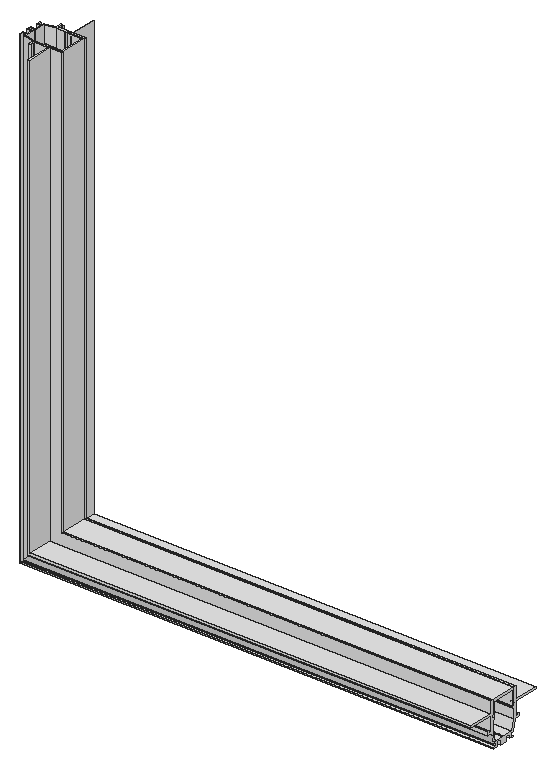
Revit family "ARKOSLIGHT_Bright Line Corner Two Planes", category Lighting Fixtures, host Face, Revit 2019
Family settings
  Host = Face
  Round Connector Dimension = Use Diameter
  Part Type = Normal
  Cut with Voids When Loaded = No
  Light Source = No
  Shared = No
  Room Calculation Point = No
Parameters (values of type "A3030062W - BRIGHT LINE CORNER 90º TWO PLANES 4000K W")
  URL = "https://www.arkoslight.com/en/product/bline-es/bline2-es/"
  Model = ARKOSLIGHT_Model  # "BRIGHT LINE"
  Manufacturer = "ARKOSLIGHT"  # constant formula
  IES2 = IES2 : A3030062W - BRIGHT LINE CORNER 90º TWO PLANES 4000K W
  IES1 = IES1 : A3030062W - BRIGHT LINE CORNER 90º TWO PLANES 4000K W
  ARKOSLIGHT_Wattage = 14 W
  ARKOSLIGHT_IP = "20"
  ARKOSLIGHT_Series = "BRIGHT LINE"  # constant formula
  ARKOSLIGHT_Dimming = "No Dim | DALI | Push"
  ARKOSLIGHT_Model = "BRIGHT LINE"  # constant formula
  ARKOSLIGHT_Reference = "A3030062W"
  ARKOSLIGHT_Luminous flux = 1250 lm
  ARKOSLIGHT_IES = "A3030022 BRIGHT LINE 500 4000K CRI90.ies"
  ARKOSLIGHT_Color = "Matt white"
  ARKOSLIGHT_Fixture Type = "CUSTOM SYSTEMS"  # constant formula
  ARKOSLIGHT_Efficiency = "43%"
  ARKOSLIGHT_CCT = 4000 K
  ARKOSLIGHT_CRI = "CRI>90"
  ARKOSLIGHT_Beam Angle = 110.00°
  Default Elevation = 0 mm
  Apparent Load = ARKOSLIGHT_Apparent Load  # 11.5 VA
  ARKOSLIGHT_Apparent Load = 11.5 VA
Types (2, lengths in mm): name | IES2 | IES1 | ARKOSLIGHT_Reference | ARKOSLIGHT_Luminous flux | ARKOSLIGHT_IES | ARKOSLIGHT_CCT
  A3030061W - BRIGHT LINE CORNER 90º TWO PLANES 3000K W | IES2 : A3030061W - BRIGHT LINE CORNER 90º TWO PLANES 3000K W | IES1 : A3030061W - BRIGHT LINE CORNER 90º TWO PLANES 3000K W | "A3030061W" | 1230 lm | "A3030021 BRIGHT LINE 500 3000K CRI90.ies" | 3000 K
  A3030062W - BRIGHT LINE CORNER 90º TWO PLANES 4000K W | IES2 : A3030062W - BRIGHT LINE CORNER 90º TWO PLANES 4000K W | IES1 : A3030062W - BRIGHT LINE CORNER 90º TWO PLANES 4000K W | "A3030062W" | 1250 lm | "A3030022 BRIGHT LINE 500 4000K CRI90.ies" | 4000 K
Reference planes
  plane 1 "Center (Front/Back)": y = 0
  plane 2: z = 0
  plane 3 "Center (Left/Right)": x = 115
  plane 4: x = 355
  plane 5: x = -125
  plane 6: y = 17.099
  plane 7: y = -17.099
  plane 8: z = 0.5
  plane 9: x = -91
  plane 10: x = -108
Forms (mm)
  Sweep 1, solid, material "ARKOSLIGHT_Textured white"
    path origin (0, 0, 0) x (1, 0, 0) y (0, 0, 1)
      loop
        line (355, 0) -> (-125, 0) -> (-125, 480)
    profile origin (-125, 0, 240) x (-1, 0, 0) y (0, -1, 0)
      loop
        line (-0.5, -17.099) -> (12.513, -17.099) -> (12.513, -45.002) -> (14.515, -45.002) -> (14.515, -17.099) -> (30.3, -17.099) -> (30.3, -20.624) -> (28.322, -20.624) -> (28.322, -22.12) -> (31.803, -22.12) -> (31.803, -16.569) -> (44.013, -13.584) -> (44.013, -10.805) -> (47.517, -10.805) -> (47.517, -13.587) -> (48.501, -13.587) -> (48.501, -9.292) -> (44.013, -9.292) -> (44.013, -2.819) -> (49.528, -2.819) -> (49.528, 2.819) -> (44.013, 2.819) -> (44.013, 9.292) -> (48.501, 9.292) -> (48.501, 13.587) -> (47.517, 13.587) -> (47.517, 10.805) -> (44.013, 10.805) -> (44.013, 13.584) -> (31.803, 16.569) -> (31.803, 22.12) -> (28.322, 22.12) -> (28.322, 20.624) -> (30.3, 20.624) -> (30.3, 17.099) -> (14.515, 17.099) -> (14.515, 45.002) -> (12.513, 45.002) -> (12.513, 17.099) -> (-0.5, 17.099) -> (-0.5, 15.097) -> (14.532, 15.097) -> (15.288, 16.208) -> (17.476, 15.097) -> (18.617, 15.097) -> (18.617, 13.253) -> (20.127, 13.253) -> (20.127, 15.097) -> (31.505, 15.097) -> (42.513, 12.407) -> (42.513, 1.319) -> (48.028, 1.319) -> (48.028, -1.319) -> (42.513, -1.319) -> (42.513, -12.407) -> (31.505, -15.097) -> (20.127, -15.097) -> (20.127, -13.253) -> (18.617, -13.253) -> (18.617, -15.097) -> (17.476, -15.097) -> (15.288, -16.208) -> (14.532, -15.097) -> (-0.5, -15.097) -> (-0.5, -17.099)
  Sweep 2, solid, material "ARKOSLIGHT_Light"
    path origin (0, 0, 0) x (1, 0, 0) y (0, 0, 1)
      loop
        line (355, 0) -> (-125, 0) -> (-125, 480)
    profile origin (-125, 0, 240) x (-1, 0, 0) y (0, -1, 0)
      loop
        line (-0.1, 14.895) -> (-0.1, -14.895) -> (14.393, -14.895) -> (15.2, -16.079) -> (17.895, -14.711) -> (17.895, -13.693) -> (1.892, -13.693) -> (1.892, 13.693) -> (17.895, 13.693) -> (17.895, 14.711) -> (15.2, 16.079) -> (14.393, 14.895) -> (-0.1, 14.895)
  Sweep 3, void
    path origin (0, 0, 0) x (1, 0, 0) y (0, 0, 1)
      loop
        line (355, 0) -> (-125, 0) -> (-125, 2438.4)
    profile origin (-125, 0, 1219.2) x (-1, 0, 0) y (0, -1, 0)
      loop
        line (12.513, 17.099) -> (0, 17.099) -> (0, -17.099) -> (12.513, -17.099) -> (12.513, 17.099)
Dimensions and locks
  locked: plane 5 to plane 4 at 480
  equal spacing: plane 6, plane 1 "Center (Front/Back)", plane 7
  locked: plane 6 to plane 7 at 34.199
  equal spacing: plane 5, plane 3 "Center (Left/Right)", plane 4
  locked: plane 8 to plane 2 at 0.5
  equal spacing: plane 5, plane 10, plane 9
  locked: plane 5 to plane 9 at 34
  Sweep 1 to plane 4 = 529.528 mm
  plane 9 to plane 4 = 446 mm
  locked: Sweep 1 sketch curve to plane 2 at 480
  locked: Sweep 2 sketch curve to plane 2 at 480
  aligned and locked: plane 2 to host face
  aligned and locked: level to host face
  aligned and locked: Sweep 1 sketch curve to plane 2
  aligned and locked: plane 4 to Sweep 1 sketch curve
  aligned and locked: plane 4 to Sweep 2 sketch curve
  aligned and locked: Sweep 2 sketch curve to plane 2
  aligned and locked: profile plane to Sweep 3 sketch curve
  aligned and locked: Sweep 3 sketch curve to plane 6
  aligned and locked: Sweep 3 sketch curve to plane 7
  aligned and locked: plane 5 to Sweep 1 sketch curve
  aligned and locked: plane 5 to Sweep 2 sketch curve
  aligned and locked: plane 5 to Sweep 3 sketch curve
  aligned and locked: Sweep 3 sketch curve to plane 2
Automatic sketch dimensions
  host sketch curve to host sketch curve = 1598.349 mm
  host sketch curve to host sketch curve = 1415.431 mm
  profile plane to Sweep 1 sketch curve = 0.5 mm
  Sweep 1 sketch curve to Sweep 1 sketch curve = 0 mm  (x5)
  Sweep 1 sketch curve to Sweep 1 sketch curve = 13.013 mm  (x2)
  Sweep 1 sketch curve to Sweep 1 sketch curve = 2.002 mm  (x4)
  Sweep 1 sketch curve to Sweep 1 sketch curve = 0.017 mm  (x2)
  plane 1 "Center (Front/Back)" to Sweep 1 sketch curve = 16.208 mm
  Sweep 1 sketch curve to Sweep 1 sketch curve = 0.773 mm  (x2)
  Sweep 1 sketch curve to Sweep 1 sketch curve = 2.188 mm  (x2)
  Sweep 1 sketch curve to Sweep 1 sketch curve = 1.142 mm  (x2)
  Sweep 1 sketch curve to Sweep 1 sketch curve = 1.51 mm  (x2)
  Sweep 1 sketch curve to Sweep 1 sketch curve = 8.196 mm  (x2)
  Sweep 1 sketch curve to Sweep 1 sketch curve = 1.978 mm  (x2)
  Sweep 1 sketch curve to Sweep 1 sketch curve = 1.205 mm  (x2)
  plane 1 "Center (Front/Back)" to Sweep 1 sketch curve = 15.097 mm
  Sweep 1 sketch curve to Sweep 1 sketch curve = 1.503 mm
  plane 1 "Center (Front/Back)" to Sweep 1 sketch curve = 16.569 mm
  Sweep 1 sketch curve to Sweep 1 sketch curve = 0.298 mm
  Sweep 1 sketch curve to Sweep 1 sketch curve = 11.008 mm
  Sweep 1 sketch curve to Sweep 1 sketch curve = 1.5 mm  (x5)
  plane 1 "Center (Front/Back)" to Sweep 1 sketch curve = 13.584 mm
  Sweep 1 sketch curve to Sweep 1 sketch curve = 3.503 mm  (x2)
  Sweep 1 sketch curve to Sweep 1 sketch curve = 4.015 mm
  Sweep 1 sketch curve to Sweep 1 sketch curve = 0.984 mm  (x2)
  Sweep 1 sketch curve to Sweep 1 sketch curve = 1.844 mm  (x4)
  Sweep 1 sketch curve to Sweep 1 sketch curve = 1.178 mm  (x2)
  Sweep 1 sketch curve to Sweep 1 sketch curve = 1.601 mm  (x2)
  Sweep 1 sketch curve to Sweep 1 sketch curve = 1.514 mm  (x2)
  Sweep 1 sketch curve to Sweep 1 sketch curve = 6.472 mm  (x2)
  Sweep 1 sketch curve to Sweep 1 sketch curve = 2.638 mm
  Sweep 1 sketch curve to Sweep 1 sketch curve = 0.847 mm
  Sweep 1 sketch curve to Sweep 1 sketch curve = 2.782 mm  (x2)
  Sweep 1 sketch curve to Sweep 1 sketch curve = 1.111 mm  (x2)
  Sweep 1 sketch curve to Sweep 1 sketch curve = 1.471 mm
  Sweep 1 sketch curve to Sweep 1 sketch curve = 0.892 mm  (x2)
  Sweep 1 sketch curve to Sweep 1 sketch curve = 3.525 mm  (x2)
  Sweep 1 sketch curve to Sweep 1 sketch curve = 1.496 mm  (x2)
  Sweep 1 sketch curve to Sweep 1 sketch curve = 22.881 mm
  plane 1 "Center (Front/Back)" to Sweep 1 sketch curve = 45.002 mm
  Sweep 2 sketch curve to Sweep 2 sketch curve = 1.992 mm
  Sweep 2 sketch curve to Sweep 2 sketch curve = 12.502 mm  (x2)
  Sweep 2 sketch curve to Sweep 2 sketch curve = 0.806 mm  (x2)
  Sweep 2 sketch curve to plane 1 "Center (Front/Back)" = 16.079 mm
  plane 1 "Center (Front/Back)" to Sweep 2 sketch curve = 14.711 mm
  Sweep 2 sketch curve to Sweep 2 sketch curve = 2.695 mm  (x2)
  Sweep 2 sketch curve to Sweep 2 sketch curve = 1.184 mm  (x2)
  Sweep 2 sketch curve to Sweep 2 sketch curve = 1.368 mm
  Sweep 2 sketch curve to Sweep 2 sketch curve = 1.017 mm  (x2)
  Sweep 2 sketch curve to Sweep 2 sketch curve = 0.184 mm
  profile plane to Sweep 2 sketch curve = 0.1 mm
  plane 4 to Sweep 3 sketch curve = 0 mm
  plane 8 to Sweep 3 sketch curve = 2437.9 mm
  Sweep 3 sketch curve to profile plane = 12.513 mm
Nested families
  nested 1: "IES1" at (230.05, 0, 0.5) x (-1, 0, 0) z (0, 0, 1), type <- "IES1", type "A3030062W - BRIGHT LINE CORNER 90º TWO PLANES 4000K W"
  nested 2: "IES2" at (-124.5, 0, 125) x (0, 0, 1) z (1, 0, 0), type <- "IES2", type "A3030062W - BRIGHT LINE CORNER 90º TWO PLANES 4000K W"
Connectors
  electrical at (0, 0, 0), driven by "Apparent Load"
    settings: on host face, index 1, voltage 230 V, apparent load 0 VA, apparent load phase1 11.5 VA, apparent load phase2 0 VA, apparent load phase3 0 VA, power factor 1, load classification "Lighting", number of poles 1, system type 31, power factor state 1, is connector primary yes, connector utility no, sub classification motor no, connector description ""
Definition of nested family "IES1"
  Parameters (values of type "A3030061W - BRIGHT LINE CORNER 90º TWO PLANES 3000K W")
    Wattage = 615 W
    built-in parameter 1150110 = 1 (stored number, unit not read)
    URL = "https://www.arkoslight.com/en/product/bline-es/bline2-es/"
    built-in parameter 1114217 = 1 (stored number, unit not read)
    built-in parameter 1150109 = 1 (stored number, unit not read)
    built-in parameter 1150134 = (empty or 0)
    built-in parameter 1150113 = 1 (stored number, unit not read)
    Model = ARKOSLIGHT_Model  # "BRIGHT LINE"
    Manufacturer = "ARKOSLIGHT"  # constant formula
    Light Source Symbol Size = 50 mm  # constant formula
    Emit from Rectangle Width = 30 mm  # constant formula
    Emit from Rectangle Length = 479.9 mm  # constant formula
    Emit Shape Visible in Rendering = no
    ARKOSLIGHT_Wattage = 14 W
    ARKOSLIGHT_IP = "20"
    ARKOSLIGHT_Series = "BRIGHT LINE"  # constant formula
    ARKOSLIGHT_Dimming = "No Dim | DALI | Push"
    ARKOSLIGHT_Model = "BRIGHT LINE"  # constant formula
    ARKOSLIGHT_Reference = "A3030061W"
    ARKOSLIGHT_Luminous flux = 1230 lm
    ARKOSLIGHT_IES = "A3030021 BRIGHT LINE 500 3000K CRI90.ies"
    ARKOSLIGHT_Fixture Type = "CUSTOM SYSTEMS"  # constant formula
    ARKOSLIGHT_Efficiency = "43%"
    ARKOSLIGHT_CCT = 3000 K
    ARKOSLIGHT_CRI = "CRI>90"
    ARKOSLIGHT_Beam Angle = 110.00°
    built-in parameter 1150105 = 195.76 (stored number, unit not read)
    Lumens = 615 lm
    built-in parameter 1150115 = 1 (stored number, unit not read)
    built-in parameter 1150137 = (empty or 0)
    built-in parameter 1150139 = (empty or 0)
    built-in parameter 1150112 = 1 (stored number, unit not read)
    built-in parameter 1150114 = 1 (stored number, unit not read)
    built-in parameter 1150132 = 2
    built-in parameter 1150102 = (empty or 0)
    built-in parameter 1150107 = 3000 (stored number, unit not read)
    built-in parameter 1150138 = (empty or 0)
    built-in parameter 1150106 = 1.9576 (stored number, unit not read)
    built-in parameter 1150104 = 0.092903 (stored number, unit not read)
    Dimming Lamp Color Temperature Shift = (empty or 0)
    Default Elevation = 0 mm
    Color Filter = 16777215
    built-in parameter 1114218 = 1 (stored number, unit not read)
    built-in parameter 1150133 = 10 (stored number, unit not read)
    Apparent Load = ARKOSLIGHT_Apparent Load  # 11.5 VA
    ARKOSLIGHT_Apparent Load = 11.5 VA
  Types (2, lengths in mm): name | Wattage | ARKOSLIGHT_Reference | ARKOSLIGHT_Luminous flux | ARKOSLIGHT_IES | ARKOSLIGHT_CCT | built-in parameter 1150105 | Lumens | built-in parameter 1150107 | built-in parameter 1150106
    A3030061W - BRIGHT LINE CORNER 90º TWO PLANES 3000K W | 615 W | "A3030061W" | 1230 lm | "A3030021 BRIGHT LINE 500 3000K CRI90.ies" | 3000 K | 195.76 (stored number, unit not read) | 615 lm | 3000 (stored number, unit not read) | 1.9576 (stored number, unit not read)
    A3030062W - BRIGHT LINE CORNER 90º TWO PLANES 4000K W | 625 W | "A3030062W" | 1250 lm | "A3030022 BRIGHT LINE 500 4000K CRI90.ies" | 4000 K | 198.94 (stored number, unit not read) | 625 lm | 4000 (stored number, unit not read) | 1.9894 (stored number, unit not read)
  Reference planes
    plane 1 "Center (Front/Back)": y = 0
    plane 2: z = 0
    plane 3 "Center (Left/Right)": x = 115
  Forms (mm)
    Extrusion 1, solid
      sketch origin (0, 0, 0) x (1, 0, 0) y (0, 1, 0)
        loop
          line (-868.519, 861.281) -> (-868.519, -554.149) -> (729.831, -554.149) -> (729.831, 861.281) -> (-868.519, 861.281)
      from 0 to -12.5
  Dimensions and locks
    aligned and locked: plane 2 to Extrusion 1
    aligned and locked: level to Extrusion 1
    aligned and locked: imposter light to plane 3 "Center (Left/Right)"
Definition of nested family "IES2"
  Parameters (values of type "A3030061W - BRIGHT LINE CORNER 90º TWO PLANES 3000K W")
    Wattage = 615 W
    built-in parameter 1150110 = 1 (stored number, unit not read)
    URL = "https://www.arkoslight.com/en/product/bline-es/bline2-es/"
    built-in parameter 1114217 = 1 (stored number, unit not read)
    built-in parameter 1150109 = 1 (stored number, unit not read)
    built-in parameter 1150134 = (empty or 0)
    built-in parameter 1150113 = 1 (stored number, unit not read)
    Model = ARKOSLIGHT_Model  # "BRIGHT LINE"
    Manufacturer = "ARKOSLIGHT"  # constant formula
    Light Source Symbol Size = 50 mm  # constant formula
    Emit from Rectangle Width = 30 mm  # constant formula
    Emit from Rectangle Length = 480 mm  # constant formula
    Emit Shape Visible in Rendering = no
    ARKOSLIGHT_Wattage = 14 W
    ARKOSLIGHT_IP = "20"
    ARKOSLIGHT_Series = "BRIGHT LINE"  # constant formula
    ARKOSLIGHT_Dimming = "No Dim | DALI | Push"
    ARKOSLIGHT_Model = "BRIGHT LINE"  # constant formula
    ARKOSLIGHT_Reference = "A3030061W"
    ARKOSLIGHT_Luminous flux = 1230 lm
    ARKOSLIGHT_IES = "A3030021 BRIGHT LINE 500 3000K CRI90.ies"
    ARKOSLIGHT_Fixture Type = "CUSTOM SYSTEMS"  # constant formula
    ARKOSLIGHT_Efficiency = "43%"
    ARKOSLIGHT_CCT = 3000 K
    ARKOSLIGHT_CRI = "CRI>90"
    ARKOSLIGHT_Beam Angle = 110.00°
    built-in parameter 1150105 = 195.76 (stored number, unit not read)
    Lumens = 615 lm
    built-in parameter 1150115 = 1 (stored number, unit not read)
    built-in parameter 1150137 = (empty or 0)
    built-in parameter 1150139 = (empty or 0)
    built-in parameter 1150112 = 1 (stored number, unit not read)
    built-in parameter 1150114 = 1 (stored number, unit not read)
    built-in parameter 1150132 = 2
    built-in parameter 1150102 = (empty or 0)
    built-in parameter 1150107 = 3000 (stored number, unit not read)
    built-in parameter 1150138 = (empty or 0)
    built-in parameter 1150106 = 1.9576 (stored number, unit not read)
    built-in parameter 1150104 = 0.092903 (stored number, unit not read)
    Dimming Lamp Color Temperature Shift = (empty or 0)
    Default Elevation = 0 mm
    Color Filter = 16777215
    built-in parameter 1114218 = 1 (stored number, unit not read)
    built-in parameter 1150133 = 10 (stored number, unit not read)
    Apparent Load = ARKOSLIGHT_Apparent Load  # 11.5 VA
    ARKOSLIGHT_Apparent Load = 11.5 VA
  Types (2, lengths in mm): name | Wattage | ARKOSLIGHT_Reference | ARKOSLIGHT_Luminous flux | ARKOSLIGHT_IES | ARKOSLIGHT_CCT | built-in parameter 1150105 | Lumens | built-in parameter 1150107 | built-in parameter 1150106
    A3030061W - BRIGHT LINE CORNER 90º TWO PLANES 3000K W | 615 W | "A3030061W" | 1230 lm | "A3030021 BRIGHT LINE 500 3000K CRI90.ies" | 3000 K | 195.76 (stored number, unit not read) | 615 lm | 3000 (stored number, unit not read) | 1.9576 (stored number, unit not read)
    A3030062W - BRIGHT LINE CORNER 90º TWO PLANES 4000K W | 625 W | "A3030062W" | 1250 lm | "A3030022 BRIGHT LINE 500 4000K CRI90.ies" | 4000 K | 198.94 (stored number, unit not read) | 625 lm | 4000 (stored number, unit not read) | 1.9894 (stored number, unit not read)
  Reference planes
    plane 1 "Center (Front/Back)": y = 0
    plane 2: z = 0
    plane 3 "Center (Left/Right)": x = 115
  Forms (mm)
    Extrusion 1, solid
      sketch origin (0, 0, 0) x (1, 0, 0) y (0, 1, 0)
        loop
          line (-868.519, 861.281) -> (-868.519, -554.149) -> (729.831, -554.149) -> (729.831, 861.281) -> (-868.519, 861.281)
      from 0 to -12.5
  Dimensions and locks
    aligned and locked: plane 2 to Extrusion 1
    aligned and locked: level to Extrusion 1
    aligned and locked: imposter light to plane 3 "Center (Left/Right)"
